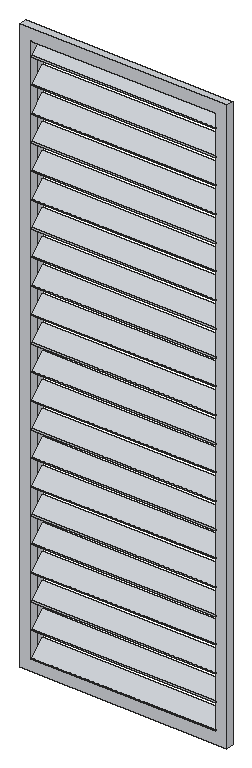
Revit family "НЕВАТОМ_Решетка РНУ_20220407", category Воздухораспределители, Revit 2017
Family settings
  Размер круглого соединителя = Использовать диаметр
  Тип детали = Нормальный
  На основе рабочей плоскости = Нет
  Всегда вертикально = Нет
  При загрузке вырезать с полостями = Нет
  Общий = Нет
  Точка расчета площади = Нет
Parameters (values of type "РЕШЕТКА РНУ")
  ТП [instance] = "РЕШЕТКА РН (2)"
  Nevatom_URL = "https://t.me/NEVATOM_Bim_bot"
  N1 [instance] = size_lookup(ТП, "N", 0, A, B)  # 22
  Расход [instance] = 0.0 L/s
  Материал = Материал корпуса
  t [instance] = 2 mm  # constant formula
  N [instance] = N1  # 22
  L = 45 mm  # constant formula
  B1 [instance] = B + 30 mm  # 730 mm
  B-50 [instance] = B - 50 mm  # 650 mm
  B-10 [instance] = B - 10 mm  # 690 mm
  B [instance] = 700 mm
  ADSK_Размер_Ширина [instance] = 50 mm  # constant formula
  ADSK_Размер_Длина [instance] = B1  # 730 mm
  ADSK_Размер_Высота [instance] = A1  # 2030 mm
  ADSK_Материал наименование = "Оцинкованная сталь"  # constant formula
  A1 [instance] = A + 30 mm  # 2030 mm
  A-50 [instance] = A - 50 mm  # 1950 mm
  A-10 [instance] = A - 10 mm  # 1990 mm
  A [instance] = 2000 mm
  ADSK_Расход воздуха = 0.0 L/s
  ADSK_Примечание = ""
  ADSK_Потеря давления воздуха = 0.0 Pa
  ADSK_Позиция = ""
  ADSK_Наименование = "РЕШЕТКА"
  ADSK_Масса_Текст = "кг"
  ADSK_Масса = 0
  ADSK_Марка [instance] = size_lookup(ТП, "", "Ошибка типоразмера", A, B)  # "РНУ-2000х700-RAL 6029"
  ADSK_Код изделия = ""
  ADSK_Завод-изготовитель = "NEVATOM"
  ADSK_Единица измерения = "шт"
  50 [instance] = 50 mm  # constant formula
Reference planes
  plane 1 "По центру (Вперед/Назад)": y = 0
  plane 2: z = -1015
  plane 3 "По центру (Влево/Вправо)": x = 0
  plane 4: y = 25
  plane 5: y = -25
  plane 6: x = -365
  plane 7: x = 365
  plane 8: z = 975
  plane 9: z = 1015
  plane 10: y = -430
  plane 11: y = 430
  plane 12: z = -975
  plane 13: x = -325
  plane 14: x = 325
  plane 15: y = -25
  plane 16: y = 20
  plane 17: z = 995
  plane 18: z = -995
  plane 19: x = -345
  plane 20: x = 345
Forms (mm)
  Extrusion 1, solid
    sketch origin (0, 0, 0) x (1, 0, 0) y (0, 0, 1)
      loop
        line (-345, 995) -> (-345, -995) -> (345, -995) -> (345, 995) -> (-345, 995)
      loop
        line (-325, 975) -> (-325, -975) -> (325, -975) -> (325, 975) -> (-325, 975)
    from -25 to 0
  Extrusion 2, solid
    sketch origin (0, 0, 0) x (1, 0, 0) y (0, 0, 1)
      loop
        line (-365, 1015) -> (-365, -1015) -> (365, -1015) -> (365, 1015) -> (-365, 1015)
      loop
        line (-325, 975) -> (-325, -975) -> (325, -975) -> (325, 975) -> (-325, 975)
    from 0 to 25
Dimensions and locks
  equal spacing: plane 4, plane 1 "По центру (Вперед/Назад)", plane 5
  equal spacing: plane 6, plane 3 "По центру (Влево/Вправо)", plane 7
  plane 5 to plane 1 "По центру (Вперед/Назад)" to plane 4 = 25 mm, 25 mm
  plane 8 to level to plane 12 = 975 mm, 975 mm
  plane 12 to plane 2 = 40 mm
  equal spacing: plane 8, level, plane 12
  equal spacing: plane 14, plane 3 "По центру (Влево/Вправо)", plane 13
  equal spacing: plane 7, plane 3 "По центру (Влево/Вправо)", plane 6
  "B1": plane 7 to plane 6
  "A-50": plane 8 to plane 12
  "A1": plane 9 to plane 2
  equal spacing: plane 9, level, plane 2
  plane 13 to plane 14 = 650 mm
  "B-50": plane 14 to plane 13
  equal spacing: plane 4, plane 1 "По центру (Вперед/Назад)", plane 15
  "50": plane 4 to plane 5
  plane 8 to plane 12 = 1950 mm
  plane 4 to plane 15 = 50 mm
  "L": plane 16 to plane 15
  equal spacing: group 1, group 3, group 4, group 5, group 6, group 7, group 8, group 9, group 10, group 11, group 12, group 13, group 14, group 15, group 16, group 17, group 18, group 19, group 20, group 21, group 22, group 2  (x3)
  equal spacing: Extrusion 1 sketch curve, level, Extrusion 1 sketch curve
  "A-10": Extrusion 1 sketch curve to Extrusion 1 sketch curve
  equal spacing: Extrusion 1 sketch curve, plane 3 "По центру (Влево/Вправо)", Extrusion 1 sketch curve
  "B-10": Extrusion 1 sketch curve to Extrusion 1 sketch curve
  equal spacing: plane 20, plane 3 "По центру (Влево/Вправо)", plane 19
  "B-10": plane 20 to plane 19
  equal spacing: plane 17, level, plane 18
  "A-10": plane 17 to plane 18
  aligned and locked: nested 1 to plane 12
  aligned and locked: plane 8 to nested 2
  aligned and locked: Extrusion 2 sketch curve to plane 9
  aligned and locked: plane 6 to Extrusion 2 sketch curve
  aligned and locked: plane 2 to Extrusion 2 sketch curve
  aligned and locked: Extrusion 2 sketch curve to plane 7
  aligned and locked: Extrusion 2 sketch curve to plane 14
  aligned and locked: Extrusion 2 sketch curve to plane 8
  aligned and locked: plane 12 to Extrusion 2 sketch curve
  aligned and locked: Extrusion 2 sketch curve to plane 13
  aligned and locked: plane 4 to Extrusion 1
  aligned and locked: plane 1 "По центру (Вперед/Назад)" to Extrusion 1
  aligned and locked: Extrusion 2 to plane 1 "По центру (Вперед/Назад)"
  aligned and locked: Extrusion 2 to plane 5
  aligned and locked: nested 1 to plane 16
  aligned and locked: plane 16 to nested 2
  aligned and locked: nested 23 to Extrusion 2  (x2)
  aligned and locked: Extrusion 2 to nested 23
Automatic sketch dimensions
  Extrusion 1 sketch curve to plane 8 = 0 mm
  Extrusion 1 sketch curve to plane 13 = 0 mm
  Extrusion 1 sketch curve to plane 14 = 0 mm
  Extrusion 1 sketch curve to plane 12 = 0 mm
Nested families
  nested 1: "Семейство1" at (0, 20, -925.757), type "Семейство1"
    with l 45 mm, A 650 mm
  nested 2: "Семейство1" at (0, 20, 975), type "Семейство1"
    with l 45 mm, A 650 mm
  nested 3: "Семейство1" at (0, 20, -835.245), type "Семейство1"
    with l 45 mm, A 650 mm
  nested 4: "Семейство1" at (0, 20, -744.733), type "Семейство1"
    with l 45 mm, A 650 mm
  nested 5: "Семейство1" at (0, 20, -654.221), type "Семейство1"
    with l 45 mm, A 650 mm
  nested 6: "Семейство1" at (0, 20, -563.708), type "Семейство1"
    with l 45 mm, A 650 mm
  nested 7: "Семейство1" at (0, 20, -473.196), type "Семейство1"
    with l 45 mm, A 650 mm
  nested 8: "Семейство1" at (0, 20, -382.684), type "Семейство1"
    with l 45 mm, A 650 mm
  nested 9: "Семейство1" at (0, 20, -292.172), type "Семейство1"
    with l 45 mm, A 650 mm
  nested 10: "Семейство1" at (0, 20, -201.659), type "Семейство1"
    with l 45 mm, A 650 mm
  nested 11: "Семейство1" at (0, 20, -111.147), type "Семейство1"
    with l 45 mm, A 650 mm
  nested 12: "Семейство1" at (0, 20, -20.635), type "Семейство1"
    with l 45 mm, A 650 mm
  nested 13: "Семейство1" at (0, 20, 69.877), type "Семейство1"
    with l 45 mm, A 650 mm
  nested 14: "Семейство1" at (0, 20, 160.39), type "Семейство1"
    with l 45 mm, A 650 mm
  nested 15: "Семейство1" at (0, 20, 250.902), type "Семейство1"
    with l 45 mm, A 650 mm
  nested 16: "Семейство1" at (0, 20, 341.414), type "Семейство1"
    with l 45 mm, A 650 mm
  nested 17: "Семейство1" at (0, 20, 431.926), type "Семейство1"
    with l 45 mm, A 650 mm
  nested 18: "Семейство1" at (0, 20, 522.439), type "Семейство1"
    with l 45 mm, A 650 mm
  nested 19: "Семейство1" at (0, 20, 612.951), type "Семейство1"
    with l 45 mm, A 650 mm
  nested 20: "Семейство1" at (0, 20, 703.463), type "Семейство1"
    with l 45 mm, A 650 mm
  nested 21: "Семейство1" at (0, 20, 793.975), type "Семейство1"
    with l 45 mm, A 650 mm
  nested 22: "Семейство1" at (0, 20, 884.488), type "Семейство1"
    with l 45 mm, A 650 mm
  nested 23: "НЕВАТОМ_QR-AxB" at (-340, 0, 1015), type "Nevatom_Logo_50x50", not visible
Connectors
  hvac at (0, 25, 0), driven by "Расход", driven by "A", driven by "B"
    settings: on Extrusion 1, index 1, duct flow 0.0 L/s, flow factor 0, pres drop 0.0 Pa, loss coef 0, conn angle 0.00°, conn width 700 mm, conn height 2000 mm, conn diameter 609.6 mm, duct sys type 29, conn prof type 1, flow config 1, flow direction 0, loss method 0, conn ref index -1, conn util no, is conn primary yes, conn desc ""
Definition of nested family "Семейство1"
  Parameters (values of type "Семейство1")
    t = 3 mm
    l = 30 mm
    A = 330 mm
  Reference planes
    plane 1 "По центру (Вперед/Назад)": y = 0
    plane 2: z = 0
    plane 3 "По центру (Влево/Вправо)": x = 0
    plane 4: through (0, 0, 0) normal (0, -0.7071, -0.7071)
    plane 5: x = -165
    plane 6: x = 165
    plane 7: through (0, -5.385, 5.385) normal (0, -0.7071, 0.7071)
    plane 8: y = 30
  Forms (mm)
    Extrusion 1, solid
      sketch origin (0, 0, 0) x (0, 1, 0) y (0, 0, 1)
        loop
          line (30, -30) -> (0, 0) -> (0, -4.243) -> (30, -34.243) -> (30, -30)
      from -165 to 165
  Dimensions and locks
    "t": Extrusion 1 sketch curve to plane 4
    equal spacing: plane 5, plane 3 "По центру (Влево/Вправо)", plane 6
    "A": plane 5 to plane 6
    "l": plane 8 to plane 1 "По центру (Вперед/Назад)"
    locked: level to plane 4 (angle 45.00°)
    aligned and locked: level to plane 2
    aligned and locked: plane 1 "По центру (Вперед/Назад)" to Extrusion 1 sketch curve
    aligned and locked: Extrusion 1 to plane 5
    aligned and locked: plane 6 to Extrusion 1
    aligned and locked: Extrusion 1 sketch curve to plane 8
    aligned and locked: Extrusion 1 sketch curve to plane 4
Definition of nested family "НЕВАТОМ_QR-AxB"
  Parameters (values of type "Nevatom_Logo_25x25")
    Logo_Image = none
    L = 2 mm
    B = A  # 25 mm
    A = 25 mm
  Types (5, lengths in mm): name | B | A
    (no name) | 25 | 25
    Nevatom_Logo_200x200 | 200 | 200
    Nevatom_Logo_100x100 | 100 | 100
    Nevatom_Logo_50x50 | 50 | 50
    Nevatom_Logo_25x25 | 25 | 25
  Reference planes
    plane 1 "По центру (Вперед/Назад)": y = 0
    plane 2: z = 0
    plane 3 "По центру (Влево/Вправо)": x = 0
    plane 4: x = -12.5
    plane 5: x = 12.5
    plane 6: y = 12.5
    plane 7: y = -12.5
  Forms (mm)
    Extrusion 1, solid, material <- "Logo_Image"
      sketch origin (0, 0, 0) x (1, 0, 0) y (0, 1, 0)
        loop
          line (-12.5, 12.5) -> (-12.5, -12.5) -> (12.5, -12.5) -> (12.5, 12.5) -> (-12.5, 12.5)
      from 0 to 2 <- "L"
  Lines and regions (mm)
    reference lines
      curve 1: line (-12.5, 12.5, 0) -> (12.5, 12.5, 0)
      curve 2: line (12.5, 12.5, 0) -> (12.5, -12.5, 0)
      curve 3: line (12.5, -12.5, 0) -> (-12.5, -12.5, 0)
      curve 4: line (-12.5, -12.5, 0) -> (-12.5, 12.5, 0)
  Dimensions and locks
    equal spacing: plane 4, plane 3 "По центру (Влево/Вправо)", plane 5
    "A": plane 4 to plane 5
    equal spacing: plane 6, plane 1 "По центру (Вперед/Назад)", plane 7
    "B": plane 6 to plane 7
    aligned and locked: level to plane 2
    aligned and locked: plane 6 to curve 1
    aligned and locked: plane 4 to curve 4
    aligned and locked: plane 5 to curve 2
    aligned and locked: plane 7 to curve 3
    aligned and locked: Extrusion 1 sketch curve to curve 1
    aligned and locked: Extrusion 1 sketch curve to curve 4
    aligned and locked: Extrusion 1 sketch curve to curve 3
    aligned and locked: Extrusion 1 sketch curve to curve 2
